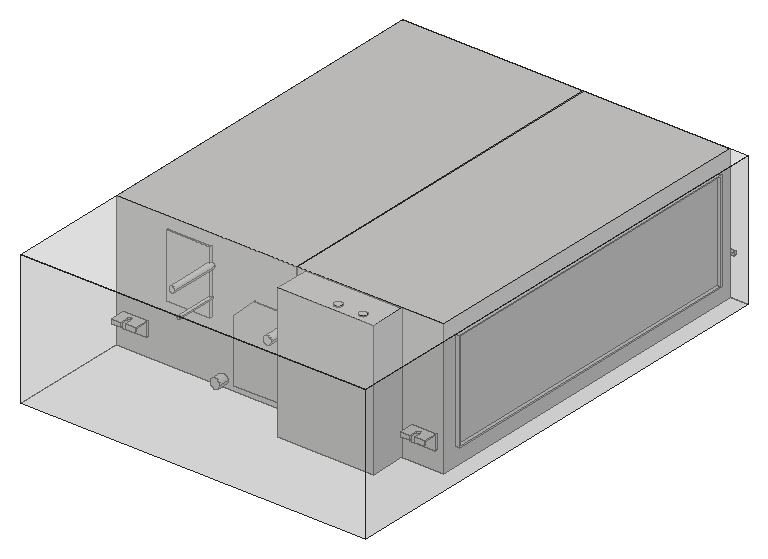
Revit family "outputfile", category 機械設備, Revit 2024
Family settings
  丸型コネクタ寸法 = 半径を使用
  パーツ タイプ = 標準
  OmniClass 番号 = 23.75.10.24.21.27.27
  OmniClass タイトル = Split System Air Conditioning Units
  作業面ベース = いいえ
  常に垂直 = はい
  ロード時にボイドで切り取り = いいえ
  注釈の向きを維持 = いいえ
  共有 = いいえ
  部屋計算ポイント = はい
Parameters (values of type "FXMQ200NVE6")
  製造元 = "Daikin"
  書き出し IFC クラス(タイプ) = "IfcUnitaryEquipmentType"
  定義済み IFC タイプ(タイプ) = "AIRCONDITIONINGUNIT"
  モデル = "FXMQ200NVE6"
  switch_frequency = yes
  lw_suctionflange = 1090 mm
  r_Liquid Pipe Size = Liquid Pipe Size / 2  # 4.75 mm
  r_Gas Pipe Size = Gas Pipe Size / 2  # 9.55 mm
  r_Drain Pipe Size = Drain Pipe Size / 2  # 15.75 mm
  lw_power = 87 mm  # constant formula
  lw_dischargeflange = 947 mm
  lh_power = 443.6 mm  # constant formula
  lh_mountinghole1 = lh_mountinghole + [h***]  # 110 mm
  lh_dischargeflange = 370 mm  # constant formula
  ld_power = 199 mm  # constant formula
  ld_dischargeflange = 30 mm  # constant formula
  connector_voltage = Voltage_50Hz  # 230 V
  connector_powerinput = if([Power Input (Cooling)] > [Power Input (Heating)], [Power Input (Cooling)], [Power Input (Heating)])  # 1.100 kW
  connector_phase = Phase_50Hz  # 1
  Voltage_comment_50Hz = "230"
  Voltage_50Hz = 230 V
  Supply Air Direction [instance] = yes
  Phase_50Hz = 1
  Minimum External Static Pressure = 100.00 Pa
  Minimum Circuit Amps_50Hz = 8.2 A
  Maximum Fuse Amps_50Hz = 15.0 A
  Maximum External Static Pressure = 200.00 Pa
  Material_Casing = DAIKIN_GalvanizedSteel_Casing_indoorunit
  ld_mountinghole = 962 mm  # constant formula
  lh_gaspipe = 96 mm  # constant formula
  lh_mountinghole = 110 mm  # constant formula
  lh_liquidpipe = 191 mm  # constant formula
  lh_drainpipe = 24 mm  # constant formula
  lh_antena = Height - lh_mountinghole + 1 mm  # 336 mm
  ld_drainpipe = 355 mm  # constant formula
  ld_liquidpipe = 317 mm  # constant formula
  ld_gaspipe = 317 mm  # constant formula
  lw_mountinghole = 1244 mm
  h*** = 0 mm  # constant formula
  lw_liquidpipe = 137 mm
  lw_gaspipe = 164 mm
  lw_drainpipe = 33 mm  # constant formula
  Width = 1311 mm
  Version = "ver.1.0"
  Unit Type = "Duct_H.S.P."
  Unit Mass Weight = 110.00 kg
  Unit Designation [instance] = ""
  Uniclass2015Version = "Products v1.30"
  Uniclass2015Title = "Variable refrigerant flow units"
  Uniclass2015Code = "Pr_70_65_03_94"
  Total Heating Capacity [instance] = 0.000 kW
  Total Cooling Capacity [instance] = 0.000 kW
  Sound Pressure Level_L speed (dBA) = 45
  Sound Pressure Level_H speed (dBA) = 47
  Series = "VRV Fan Coil Unit"
  Sensible Cooling Capacity [instance] = 0.000 kW
  SA Duct Size Width = 947 mm
  SA Duct Size Height = 370 mm
  Refrigerant Type = "R410A"
  RA Duct Size Width = 1090 mm
  RA Duct Size Height = 333 mm
  Power Input (Heating) = 1.100 kW
  Power Input (Cooling) = 1.100 kW
  Option Accessory 3 [instance] = ""
  Option Accessory 2 [instance] = ""
  Option Accessory 1 [instance] = ""
  Nominal Heating Capacity = 25.000 kW
  Nominal Cooling Capacity = 22.400 kW
  Minimum Airflow = 3480.00 m³/h
  Median Airflow = 0.00 m³/h
  Maximum Airflow = 4080.00 m³/h
  Load Classification = HVAC
  Liquid Pipe Size = 9.5 mm
  Link_Nested Family [instance] = ""
  IfcVersion = ""
  IfcExportType = "AIRCONDITIONINGUNIT"
  IfcExportAs = "IfcUnitaryEquipmentType"
  Height = 445 mm
  Heating Entering Wet Bulb Temperature [instance] = 0.00 °C
  Heating Entering Dry Bulb Temperature [instance] = 0.00 °C
  Heating Ambient Wet Bulb Temperature [instance] = 0.00 °C
  Heating Ambient Dry Bulb Temperature [instance] = 0.00 °C
  Heat Exchanger Type = "Cross Fin Coil"
  Gas Pipe Size = 19.1 mm
  Frequency_50Hz = 50 Hz
  Fan Type = "Sirocco Fan"
  Fan Drive = "Direct Drive"
  FCU Tag No. [instance] = ""
  Drain Pipe Size = 31.5 mm
  Design Supply Airflow [instance] = 0.00 m³/h
  Design Return Airflow [instance] = 0.00 m³/h
  Design External Static Pressure [instance] = 0.00 Pa
  Depth = 1090 mm
  既定の高さ = 0 mm
  Cooling Entering Wet Bulb Temperature [instance] = 0.00 °C
  Cooling Entering Dry Bulb Temperature [instance] = 0.00 °C
  Cooling Ambient Wet Bulb Temperature [instance] = 0.00 °C
  Cooling Ambient Dry Bulb Temperature [instance] = 0.00 °C
  Clearance visibility [instance] = yes
  Clearance Top = 0 mm
  Clearance Right = 60 mm
  Clearance Rear = 0 mm
  Clearance Left = 0 mm
  Clearance Front = 400 mm
  Clearance Bottom = 0 mm
Reference planes
  plane 1 "Center (Front/Back)": y = 0
  plane 2 "h": z = 0
  plane 3 "Center (Left/Right)": x = 0
  plane 4 "Back": y = 596
  plane 5: y = -596
  plane 6 "Left": x = -545
  plane 7 "Reight": x = 545
  plane 8 "Top": z = 0
  plane 9 "Bottom": z = -445
  plane 10 "ld_mountinghole1": y = 622
  plane 11: y = 596
  plane 12: y = -996
  plane 13: x = -545
  plane 14: x = 605
  plane 15: z = 0
  plane 16: z = -445
  plane 17: x = 55
  plane 18 "ld_mountinghole2": y = -622
  plane 19: x = -481
  plane 20: x = 481
  plane 21: x = -545
  plane 22: x = 545
  plane 23 "Front": y = -715
  plane 24 "lh_mountinghole": z = -335
  plane 25: x = -228
  plane 26: x = -228
  plane 27: x = -190
  plane 28 "lh_liquidpipe": z = -191
  plane 29: z = -96
  plane 30: z = -421
  plane 31: y = -733
  plane 32: y = -760
  plane 33: y = -629
  plane 34: y = -683
  plane 35: x = 346
  plane 36: y = -602
  plane 37: y = -651
  plane 38: z = -38
  plane 39: y = 516.5
  plane 40: z = -50
  plane 41: y = 541
Forms (mm)
  Extrusion 1, solid, material "DAIKIN_GalvanizedSteel_Casing_indoorunit" <- "Material_Casing"
    sketch origin (12.25, -160, 0) x (1, 0, 0) y (0, 1, 0)
      loop
        line (42.75, 756) -> (42.75, -436) -> (532.75, -436) -> (532.75, 756) -> (42.75, 756)
    from -445 to 0
  Extrusion 2, solid, material "DAIKIN_GalvanizedSteel_Casing_indoorunit" <- "Material_Casing"
    sketch origin (115, 9, 0) x (1, 0, 0) y (0, 1, 0)
      loop
        line (-660, 587) -> (-660, -605) -> (-60, -605) -> (-60, 587) -> (-660, 587)
    from -445 to 0
  Extrusion 3, solid, material "DAIKIN_GalvanizedSteel_Casing_indoorunit" <- "Material_Casing"
    sketch origin (0, -900, 0) x (1, 0, 0) y (0, 0, 1)
      loop
        line (87.5, -1.4) -> (87.5, -445) -> (405.5, -445) -> (405.5, -1.4) -> (87.5, -1.4)
    from -304 to -185
  Extrusion 4, solid, material "DAIKIN_GalvanizedSteel_Casing_indoorunit" <- "Material_Casing"
    sketch origin (-1374.64, -596, 1200) x (-1, 0, 0) y (0, 0, 1)
      loop
        circle (-1146.64, -1391) r 4.75
    from 0 to -137
  Extrusion 5, solid, material "DAIKIN_GalvanizedSteel_Casing_indoorunit" <- "Material_Casing"
    sketch origin (-1374.64, -596, 1200) x (-1, 0, 0) y (0, 0, 1)
      loop
        circle (-1146.64, -1296) r 9.55
    from 0 to -164
  Extrusion 6, solid, material "DAIKIN_GalvanizedSteel_Casing_indoorunit" <- "Material_Casing"
    sketch origin (-1374.64, -596, 1200) x (-1, 0, 0) y (0, 0, 1)
      loop
        circle (-1184.64, -1621) r 15.75
    from 0 to -33
  Extrusion 7, solid, material "DAIKIN_GalvanizedSteel_Casing_indoorunit" <- "Material_Casing"
    sketch origin (0, 0, 0) x (1, 0, 0) y (0, 0, 1)
      loop
        line (-373, -38) -> (-373, -250) -> (-228, -250) -> (-228, -38) -> (-373, -38)
    from 596 to 602
  Extrusion 8, solid, material "DAIKIN_GalvanizedSteel_Casing_indoorunit" <- "Material_Casing"
    sketch origin (0, 0, 0) x (1, 0, 0) y (0, 0, 1)
      loop
        line (-84, -152.5) -> (-149, -217.5) -> (-149, -424.5) -> (42.6, -424.5) -> (42.6, -152.5) -> (-84, -152.5)
    from 596 to 602
  Extrusion 9, solid, material "DAIKIN_GalvanizedSteel_Casing_indoorunit" <- "Material_Casing"
    sketch origin (0, 0, 0) x (1, 0, 0) y (0, 0, 1)
      loop
        circle (2, -215) r 13.75
    from 596 to 651
  Extrusion 10, solid, material "DAIKIN_GalvanizedSteel_Casing_indoorunit" <- "Material_Casing"
    sketch origin (0, 0, 0) x (1, 0, 0) y (0, 1, 0)
      loop
        circle (346, -683) r 12.4
      loop
        circle (263, -683) r 12.4
    from -1.4 to -152.5
Cuts and joins
  joined: Extrusion 8, Extrusion 9
  joined: Extrusion 4, Extrusion 5, Extrusion 7
Dimensions and locks
  "Height": plane 8 "Top" to plane 9 "Bottom"
  equal spacing: plane 6 "Left", plane 3 "Center (Left/Right)", plane 7 "Reight"
  "Clearance Left": plane 13 to plane 6 "Left"
  "Clearance Right": plane 7 "Reight" to plane 14
  "Clearance Rear": plane 11 to plane 4 "Back"
  "Clearance Front": plane 5 to plane 12
  "Clearance Top": plane 15 to plane 8 "Top"
  "Clearance Bottom": plane 9 "Bottom" to plane 16
  equal spacing: plane 18 "ld_mountinghole2", plane 1 "Center (Front/Back)", plane 10 "ld_mountinghole1"
  "lw_mountinghole": plane 18 "ld_mountinghole2" to plane 10 "ld_mountinghole1"
  equal spacing: plane 19, plane 3 "Center (Left/Right)", plane 20
  "ld_mountinghole": plane 19 to plane 20
  "Depth": plane 6 "Left" to plane 7 "Reight"
  plane 21 to plane 22 = 1090 mm
  equal spacing: plane 21, plane 3 "Center (Left/Right)", plane 22
  plane 4 "Back" to plane 5 = 1192 mm
  equal spacing: plane 4 "Back", plane 1 "Center (Front/Back)", plane 5
  "lh_mountinghole": plane 24 "lh_mountinghole" to plane 9 "Bottom"
  locked: plane 5 to plane 23 "Front" at 119
  locked: plane 21 to plane 17 at 600
  "ld_liquidpipe": plane 21 to plane 25
  "ld_gaspipe": plane 21 to plane 26
  "ld_drainpipe": plane 21 to plane 27
  "lh_liquidpipe": plane 8 "Top" to plane 28 "lh_liquidpipe"
  "lh_gaspipe": plane 8 "Top" to plane 29
  "lh_drainpipe": plane 30 to plane 9 "Bottom"
  "lw_liquidpipe": plane 5 to plane 31
  "lw_gaspipe": plane 5 to plane 32
  "lw_drainpipe": plane 5 to plane 33
  "lw_power": plane 5 to plane 34
  "ld_power": plane 35 to plane 22
  "Width": plane 4 "Back" to plane 23 "Front"
  locked: plane 8 "Top" to Extrusion 7 sketch curve at 38
  locked: Extrusion 7 sketch curve to Extrusion 7 sketch curve at 212
  locked: plane 26 to Extrusion 7 sketch curve at 145
  locked: plane 5 to plane 36 at 6
  locked: Extrusion 8 sketch curve to plane 9 "Bottom" at 20.5
  locked: Extrusion 8 sketch curve to Extrusion 8 sketch curve at 272
  locked: Extrusion 8 sketch curve to plane 21 at 396
  locked: Extrusion 8 sketch curve to Extrusion 8 sketch curve at 191.6
  locked: plane 8 "Top" to Extrusion 8 sketch curve at 217.5
  locked: Extrusion 8 sketch curve to plane 21 at 461
  locked: Extrusion 3 sketch curve to plane 9 "Bottom" at 443.6
  locked: plane 22 to Extrusion 3 sketch curve at 139.5
  locked: Extrusion 3 sketch curve to Extrusion 3 sketch curve at 318
  locked: plane 5 to plane 37 at 55
  Extrusion 10 sketch curve to Extrusion 10 sketch curve to plane 22 = 83 mm locked, 199 mm locked
  locked: plane 8 "Top" to plane 38 at 38
  locked: plane 4 "Back" to plane 39 at 79.5
  plane 8 "Top" to plane 40 = 50 mm
  locked: plane 4 "Back" to plane 41 at 55
  locked: level to plane 40 at 50
  "r_Liquid Pipe Size": radius of Extrusion 4 sketch curve
  "r_Gas Pipe Size": radius of Extrusion 5 sketch curve
  "r_Drain Pipe Size": radius of Extrusion 6 sketch curve
  aligned and locked: level to plane 2 "h"
  aligned and locked: plane 8 "Top" to Extrusion 1
  aligned and locked: Extrusion 1 to plane 9 "Bottom"
  aligned and locked: nested 2 to plane 12
  aligned and locked: plane 13 to nested 2
  aligned and locked: plane 14 to nested 2
  aligned and locked: nested 2 to plane 13
  aligned and locked: plane 11 to nested 2
  aligned and locked: plane 15 to nested 2
  aligned and locked: plane 16 to nested 2
  aligned and locked: Extrusion 1 to plane 17
  aligned and locked: Extrusion 2 sketch curve to plane 4 "Back"
  aligned and locked: Extrusion 2 sketch curve to plane 17
  aligned and locked: plane 5 to Extrusion 2 sketch curve
  aligned and locked: plane 10 "ld_mountinghole1" to nested 5
  aligned and locked: plane 19 to nested 5
  aligned and locked: nested 4 to plane 18 "ld_mountinghole2"
  aligned and locked: plane 19 to nested 4
  aligned and locked: nested 3 to plane 20
  aligned and locked: nested 3 to plane 18 "ld_mountinghole2"
  aligned and locked: plane 10 "ld_mountinghole1" to nested 6
  aligned and locked: nested 6 to plane 20
  aligned and locked: nested 1 to plane 3 "Center (Left/Right)"
  aligned and locked: plane 1 "Center (Front/Back)" to nested 1
  aligned and locked: level to plane 8 "Top"
  aligned and locked: Extrusion 2 to plane 21
  aligned and locked: plane 22 to Extrusion 1
  aligned and locked: plane 4 "Back" to Extrusion 1
  aligned and locked: Extrusion 1 to plane 5
  aligned and locked: plane 8 "Top" to Extrusion 2
  aligned and locked: plane 5 to Extrusion 3
  aligned and locked: Extrusion 3 to plane 23 "Front"
  aligned and locked: plane 28 "lh_liquidpipe" to Extrusion 4 sketch curve
  aligned and locked: plane 25 to Extrusion 4 sketch curve
  aligned and locked: plane 5 to Extrusion 4
  aligned and locked: Extrusion 4 to plane 31
  aligned and locked: plane 29 to Extrusion 5 sketch curve
  aligned and locked: plane 26 to Extrusion 5 sketch curve
  aligned and locked: Extrusion 5 to plane 32
  aligned and locked: plane 30 to Extrusion 6 sketch curve
  aligned and locked: plane 27 to Extrusion 6 sketch curve
  aligned and locked: plane 5 to Extrusion 5
  aligned and locked: plane 5 to Extrusion 6
  aligned and locked: Extrusion 6 to plane 33
  aligned and locked: plane 25 to nested 7
  aligned and locked: nested 7 to plane 31
  aligned and locked: nested 7 to plane 28 "lh_liquidpipe"
  aligned and locked: plane 26 to nested 8
  aligned and locked: nested 8 to plane 32
  aligned and locked: nested 8 to plane 29
  aligned and locked: plane 27 to nested 9
  aligned and locked: nested 9 to plane 33
  aligned and locked: nested 9 to plane 30
  aligned and locked: plane 35 to nested 10
  aligned and locked: nested 10 to plane 34
  aligned and locked: plane 4 "Back" to nested 11
  aligned and locked: plane 19 to nested 11
  aligned and locked: nested 12 to plane 5
  aligned and locked: plane 20 to nested 12
  aligned and locked: plane 4 "Back" to nested 13
  aligned and locked: nested 13 to plane 20
  aligned and locked: nested 14 to plane 5
  aligned and locked: nested 14 to plane 19
  aligned and locked: Extrusion 2 to Extrusion 1
  aligned and locked: plane 24 "lh_mountinghole" to nested 11
  aligned and locked: plane 24 "lh_mountinghole" to nested 14
  aligned and locked: plane 24 "lh_mountinghole" to nested 12
  aligned and locked: plane 24 "lh_mountinghole" to nested 13
  aligned and locked: Extrusion 7 sketch curve to plane 25
  aligned and locked: plane 5 to Extrusion 7
  aligned and locked: Extrusion 7 to plane 36
  aligned and locked: plane 5 to Extrusion 8
  aligned and locked: Extrusion 8 to plane 36
  aligned and locked: plane 9 "Bottom" to Extrusion 3 sketch curve
  aligned and locked: plane 5 to Extrusion 9
  aligned and locked: Extrusion 9 to plane 37
  aligned and locked: plane 34 to Extrusion 10 sketch curve  (x2)
  aligned and locked: Extrusion 3 to Extrusion 10
  aligned and locked: cut or joined group of Extrusion 8, Extrusion 9 to Extrusion 10
  aligned and locked: nested 10 to plane 9 "Bottom"
  aligned and locked: plane 38 to nested 15
  aligned and locked: nested 15 to plane 39
  aligned and locked: plane 41 to nested 16
  aligned and locked: plane 40 to nested 16
  aligned and locked: nested 15 to plane 21
  aligned and locked: plane 22 to nested 16
Automatic sketch dimensions
  Extrusion 1 sketch curve to plane 5 = 0 mm
  Extrusion 1 sketch curve to plane 17 = 0 mm
  Extrusion 1 sketch curve to plane 7 "Reight" = 0 mm
  Extrusion 1 sketch curve to plane 4 "Back" = 0 mm
  Extrusion 2 sketch curve to plane 6 "Left" = 0 mm
  plane 3 "Center (Left/Right)" to Extrusion 9 sketch curve = 2 mm
  Extrusion 9 sketch curve to plane 28 "lh_liquidpipe" = 24 mm
  radius of Extrusion 10 sketch curve = 12.4 mm  (x2)
  radius of Extrusion 9 sketch curve = 13.75 mm
Nested families
  nested 1: "daikin_△_symbolicline" at (0, 0, 445) x (0, -1, 0) z (0, 0, 1), built-in parameter 1001364 <- "Height", visible <- "Supply Air Direction", type "daikin_△_symbolicline"
    with length 300 mm
  nested 2: "daikin_clearancespace" at (30, -200, -222.381), visible <- "Clearance visibility", show <- "Clearance visibility", Link_Nested Family <- "Link_Nested Family", type "daikin_clearancespace"
    with width 1150 mm, show yes, height 445 mm, depth 1592 mm, Link_Nested Family ""
  nested 3: "daikin_mountinghole" at (481, -622, -445), l_antenna <- "lh_antena", Link_Nested Family <- "Link_Nested Family", h_mountinghole <- "lh_mountinghole1", type "daikin_mountinghole"
    with show yes, l_antenna 336 mm, h_mountinghole 110 mm, Link_Nested Family ""
  nested 4: "daikin_mountinghole" at (-481, -622, -445), l_antenna <- "lh_antena", Link_Nested Family <- "Link_Nested Family", h_mountinghole <- "lh_mountinghole1", type "daikin_mountinghole"
    with show yes, l_antenna 336 mm, h_mountinghole 110 mm, Link_Nested Family ""
  nested 5: "daikin_mountinghole" at (-481, 622, -445), h_mountinghole <- "lh_mountinghole1", l_antenna <- "lh_antena", Link_Nested Family <- "Link_Nested Family", type "daikin_mountinghole"
    with show yes, l_antenna 336 mm, h_mountinghole 110 mm, Link_Nested Family ""
  nested 6: "daikin_mountinghole" at (481, 622, -445), l_antenna <- "lh_antena", Link_Nested Family <- "Link_Nested Family", h_mountinghole <- "lh_mountinghole1", type "daikin_mountinghole"
    with show yes, l_antenna 336 mm, h_mountinghole 110 mm, Link_Nested Family ""
  nested 7: "daikin_connector_rotate2" at (-228, -596, -191), length <- "lw_liquidpipe", radius <- "r_Liquid Pipe Size", type "daikin_connector_rotate2"
    with radius 4.75 mm, length 137 mm, angle_vertical 90.00°, show_face no
  nested 8: "daikin_connector_rotate2" at (-228, -596, -96), length <- "lw_gaspipe", radius <- "r_Gas Pipe Size", type "daikin_connector_rotate2"
    with radius 9.55 mm, length 164 mm, angle_vertical 90.00°, show_face no
  nested 9: "daikin_connector_rotate2" at (-190, -596, -421), length <- "lw_drainpipe", radius <- "r_Drain Pipe Size", type "daikin_connector_rotate2"
    with radius 15.75 mm, length 33 mm, angle_vertical 90.00°, show_face no
  nested 10: "daikin_connector_rotate2" at (346, -683, -445) x (1, 0, 0) z (0, -1, 0), length <- "lh_power", type "daikin_connector_rotate2"
    with radius 10 mm, length 443.6 mm, angle_vertical 270.00°, show_face no
  nested 11: "daikin_hangerfixture_FXMQ-NVE6" at (-481, 596, -335) x (0, 1, 0) z (0, 0, 1), type "daikin_hangerfixture_FXMQ-NVE6"
  nested 12: "daikin_hangerfixture_FXMQ-NVE6" at (481, -596, -335) x (0, -1, 0) z (0, 0, 1), type "daikin_hangerfixture_FXMQ-NVE6"
  nested 13: "daikin_hangerfixture_FXMQ-NVE6" at (481, 596, -335) x (0, 1, 0) z (0, 0, 1), type "daikin_hangerfixture_FXMQ-NVE6"
  nested 14: "daikin_hangerfixture_FXMQ-NVE6" at (-481, -596, -335) x (0, -1, 0) z (0, 0, 1), type "daikin_hangerfixture_FXMQ-NVE6"
  nested 15: "daikin_ductflange_FXMQ-NVE6" at (-545, 43, -408) x (0, -1, 0) z (0, 0, 1), width <- "lw_dischargeflange", depth <- "ld_dischargeflange", height <- "lh_dischargeflange", type "daikin_ductflange_FXMQ-NVE6"
    with width 947 mm, material DAIKIN_GalvanizedSteel_Casing_indoorunit, height 370 mm, depth 30 mm
  nested 16: "daikin_ductflange_FXMQ-NVE6" at (545, -4, -383) x (0, 1, 0) z (0, 0, 1), width <- "lw_suctionflange", type "daikin_ductflange_FXMQ-NVE6"
    with width 1090 mm, material DAIKIN_GalvanizedSteel_Casing_indoorunit, height 333 mm, depth 15 mm
Connectors
  piping at (-228, -733, -191), diameter 9.5, driven by "r_Liquid Pipe Size"
    settings: on nested 7, index 3, connector inside diameter 609.6 mm, connector length 0 mm, flow factor 0, pipe flow 0.00 m³/h, pressure drop 0.0 Pa, fitting loss kfactor 0, connector angle 0.00°, fixture units 0, engagement length 0 mm, angle of deflection 0.00°, flow configuration 1, flow direction 1, fitting loss method 0, system type 29, joint type 0, gender type 0, connector reference index -1, connector utility 0, adjustable connector no, is connector primary yes, connector description "Refrigerant Liquid Piping"
  piping at (-228, -760, -96), diameter 19.1, driven by "r_Gas Pipe Size"
    settings: on nested 8, index 4, connector inside diameter 609.6 mm, connector length 0 mm, flow factor 0, pipe flow 0.00 m³/h, pressure drop 0.0 Pa, fitting loss kfactor 0, connector angle 0.00°, fixture units 0, engagement length 0 mm, angle of deflection 0.00°, flow configuration 1, flow direction 2, fitting loss method 0, system type 29, joint type 0, gender type 0, connector reference index -1, connector utility 0, adjustable connector no, is connector primary no, connector description "Refrigerant Gas Piping"
  piping at (-190, -629, -421), diameter 31.5, driven by "r_Drain Pipe Size"
    settings: on nested 9, index 5, connector inside diameter 609.6 mm, connector length 0 mm, flow factor 0, pipe flow 0.00 m³/h, pressure drop 0.0 Pa, fitting loss kfactor 0, connector angle 0.00°, fixture units 0, engagement length 0 mm, angle of deflection 0.00°, flow configuration 1, flow direction 2, fitting loss method 4, system type 16, joint type 0, gender type 0, connector reference index -1, connector utility 0, adjustable connector no, is connector primary no, connector description "Condensate Drain Piping"
  electrical at (346, -683, -1.4), driven by "Load Classification", driven by "connector_voltage", driven by "connector_phase", driven by "connector_powerinput"
    settings: on nested 10, index 6, voltage 230 V, apparent load 1100 VA, apparent load phase1 0 VA, apparent load phase2 0 VA, apparent load phase3 0 VA, power factor 1, load classification "HVAC", number of poles 1, system type 30, power factor state 1, is connector primary yes, connector utility no, sub classification motor no, connector description "Power Supply"
  hvac at (560, -4, -216.5), driven by "RA Duct Size Height", driven by "RA Duct Size Width"
    settings: on nested 16, index 7, duct flow 0.00 m³/h, flow factor 0, pres drop 0.00 Pa, loss coef 0, conn angle 0.00°, conn width 1090.0 mm, conn height 333.0 mm, conn diameter 609.6 mm, duct sys type 2, conn prof type 1, flow config 0, flow direction 1, loss method 4, conn ref index -1, conn util no, is conn primary yes, conn desc "RA Duct"
  hvac at (-575, 43, -223), driven by "SA Duct Size Height", driven by "SA Duct Size Width"
    settings: on nested 15, index 8, duct flow 0.00 m³/h, flow factor 0, pres drop 0.00 Pa, loss coef 0, conn angle 0.00°, conn width 947.0 mm, conn height 370.0 mm, conn diameter 609.6 mm, duct sys type 1, conn prof type 1, flow config 0, flow direction 2, loss method 4, conn ref index -1, conn util no, is conn primary no, conn desc "SA Duct"
Definition of nested family "daikin_clearancespace"
  Parameters (values of type "daikin_clearancespace")
    Description = "daikin_clearancespace"
    width [instance] = 1823.963 mm
    show [instance] = yes
    material = none
    height [instance] = 1359.762 mm
    depth [instance] = 880 mm
    Default Elevation = 0 mm
    Link_Nested Family [instance] = ""
  Reference planes
    plane 1 "Center (Front/Back)": y = 0
    plane 2 "Center (Elevation)": z = -0.119
    plane 3 "Center (Left/Right)": x = 0
    plane 4: y = 440
    plane 5: y = -440
    plane 6 "Right": x = 911.982
    plane 7 "Left": x = -911.982
    plane 8 "Top": z = 679.762
    plane 9 "Bottom": z = -680
  Forms (mm)
    Extrusion 1, solid, material <- "material", visible <- "show"
      sketch origin (0, 0, 0) x (1, 0, 0) y (0, 1, 0)
        loop
          line (-911.982, 440) -> (-911.982, -440) -> (911.982, -440) -> (911.982, 440) -> (-911.982, 440)
      from -680 to 679.762
  Lines and regions (mm)
    symbolic lines, visible <- "show"
      curve 1: line (911.982, 440, 0) -> (-911.982, 440, 0)
      curve 2: line (-911.982, 440, 0) -> (-911.982, -440, 0)
      curve 3: line (-911.982, -440, 0) -> (911.982, -440, 0)
      curve 4: line (911.982, -440, 0) -> (911.982, 440, 0)
      curve 5: line (911.982, 0, 679.762) -> (-911.982, 0, 679.762)
      curve 6: line (911.982, 0, -680) -> (911.982, 0, 679.762)
      curve 7: line (-911.982, 0, -680) -> (911.982, 0, -680)
      curve 8: line (-911.982, 0, 679.762) -> (-911.982, 0, -680)
      curve 9: line (0, 440, 679.762) -> (0, -440, 679.762)
      curve 10: line (0, -440, 679.762) -> (0, -440, -680)
      curve 11: line (0, 440, -680) -> (0, 440, 679.762)
      curve 12: line (0, -440, -680) -> (0, 440, -680)
  Dimensions and locks
    "width": plane 7 "Left" to plane 6 "Right"
    "depth": plane 4 to plane 5
    "height": plane 8 "Top" to plane 9 "Bottom"
    equal spacing: plane 7 "Left", plane 3 "Center (Left/Right)", plane 6 "Right"
    equal spacing: plane 4, plane 1 "Center (Front/Back)", plane 5
    equal spacing: plane 8 "Top", plane 2 "Center (Elevation)", plane 9 "Bottom"
    aligned and locked: level to plane 2 "Center (Elevation)"
    aligned and locked: Extrusion 1 sketch curve to plane 4
    aligned and locked: plane 7 "Left" to Extrusion 1 sketch curve
    aligned and locked: Extrusion 1 sketch curve to plane 5
    aligned and locked: Extrusion 1 sketch curve to plane 6 "Right"
    aligned and locked: plane 8 "Top" to Extrusion 1
    aligned and locked: curve 1 to Extrusion 1
    aligned and locked: curve 2 to Extrusion 1
    aligned and locked: curve 3 to Extrusion 1
    aligned and locked: curve 4 to Extrusion 1
    aligned and locked: curve 5 to Extrusion 1
    aligned and locked: curve 6 to Extrusion 1
    aligned and locked: curve 7 to Extrusion 1
    aligned and locked: curve 8 to Extrusion 1
    aligned and locked: curve 9 to Extrusion 1
    aligned and locked: curve 10 to Extrusion 1
    aligned and locked: curve 11 to Extrusion 1
    aligned and locked: curve 12 to Extrusion 1
    aligned and locked: Extrusion 1 to plane 9 "Bottom"
Definition of nested family "daikin_hangerfixture_FXMQ-NVE6"
  Parameters (values of type "daikin_hangerfixture_FXMQ-NVE6_2")
    width = 51 mm
    material = none
    height = 50 mm
    depth = 80 mm
    Default Elevation = 0 mm
  Reference planes
    plane 1 "Center (Front/Back)": y = 0
    plane 2: z = 0
    plane 3 "Center (Left/Right)": x = 0
    plane 4: z = -3.2
    plane 5: z = -15
    plane 6: x = 51
    plane 7: y = 40
    plane 8: y = -40
    plane 9: y = -43.5
    plane 10: y = 43.5
    plane 11: z = -50
    plane 12: x = 3.2
    plane 13: x = 14
    plane 14: x = 26
    plane 15: x = 47.8
  Forms (mm)
    Extrusion 1, solid, material <- "material"
      sketch origin (0, 0, 0) x (1, 0, 0) y (0, 1, 0)
        loop
          line (0, 40) -> (0, -40) -> (51, -40) -> (51, -7) -> (26, -7)
          arc (26, -7) -> (19, 0) -> (26, 7) r 7
          line (26, 7) -> (51, 7) -> (51, 40) -> (0, 40)
      from -3.2 to 0
    Extrusion 2, solid, material <- "material"
      sketch origin (0, 0, 0) x (0, 1, 0) y (0, 0, 1)
        loop
          line (40, -47) -> (40, 0) -> (-40, 0) -> (-40, -47)
          arc (-40, -47) -> (-39.121, -49.121) -> (-37, -50) r 3
          line (-37, -50) -> (37, -50)
          arc (37, -50) -> (39.121, -49.121) -> (40, -47) r 3
      from 0 to 3.2
    Extrusion 3, solid, material <- "material"
      sketch origin (0, 0, 0) x (0, 1, 0) y (0, 0, 1)
        loop
          line (-7, -12.007) -> (-7, 0) -> (-40, 0) -> (-40, -12.007)
          arc (-40, -12.007) -> (-39.123, -14.123) -> (-37.007, -15) r 2.993
          line (-37.007, -15) -> (-9.993, -15)
          arc (-9.993, -15) -> (-7.877, -14.123) -> (-7, -12.007) r 2.993
        loop
          arc (7, -12.007) -> (7.877, -14.123) -> (9.993, -15) r 2.993
          line (9.993, -15) -> (37.007, -15)
          arc (37.007, -15) -> (39.123, -14.123) -> (40, -12.007) r 2.993
          line (40, -12.007) -> (40, 0) -> (7, 0) -> (7, -12.007)
      from 51 to 47.8
  Cuts and joins
    joined: Extrusion 1, Extrusion 2, Extrusion 3
  Dimensions and locks
    "width": plane 3 "Center (Left/Right)" to plane 6
    "depth": plane 8 to plane 7
    equal spacing: plane 8, plane 1 "Center (Front/Back)", plane 7
    locked: plane 9 to plane 8 at 3.5
    locked: plane 7 to plane 10 at 3.5
    "height": level to plane 11
    locked: plane 12 to plane 3 "Center (Left/Right)" at 3.2
    plane 3 "Center (Left/Right)" to plane 13 = 14 mm
    locked: plane 13 to plane 14 at 12
    locked: plane 2 to plane 4 at 3.2
    locked: plane 6 to plane 15 at 3.2
    locked: plane 2 to plane 5 at 15
    locked: Extrusion 1 sketch curve to plane 1 "Center (Front/Back)" at 7
    locked: plane 1 "Center (Front/Back)" to Extrusion 1 sketch curve at 7
    locked: Extrusion 1 sketch curve to plane 6 at 25
    aligned and locked: level to plane 2
    aligned and locked: level to Extrusion 1
    aligned and locked: Extrusion 1 to plane 4
    aligned and locked: Extrusion 1 sketch curve to plane 3 "Center (Left/Right)"
    aligned and locked: Extrusion 1 sketch curve to plane 6  (x2)
    aligned and locked: level to Extrusion 2 sketch curve
    aligned and locked: plane 12 to Extrusion 2
    aligned and locked: Extrusion 3 sketch curve to level
    aligned and locked: level to Extrusion 3 sketch curve
    aligned and locked: plane 7 to Extrusion 1 sketch curve
    aligned and locked: Extrusion 1 sketch curve to plane 8
    aligned and locked: plane 11 to Extrusion 2 sketch curve
    aligned and locked: plane 6 to cut or joined group of Extrusion 1, Extrusion 2, Extrusion 3
    aligned and locked: cut or joined group of Extrusion 1, Extrusion 2, Extrusion 3 to plane 15
    aligned and locked: Extrusion 3 to plane 5  (x2)
    aligned and locked: Extrusion 3 to Extrusion 1  (x4)
  Automatic sketch dimensions
    plane 7 to Extrusion 2 sketch curve = 3 mm
    Extrusion 2 sketch curve to plane 8 = 3 mm
    Extrusion 2 sketch curve to Extrusion 2 sketch curve = 3 mm
    Extrusion 2 sketch curve to plane 7 = 0 mm
    plane 8 to Extrusion 3 sketch curve = 0 mm
    Extrusion 3 sketch curve to plane 5 = 0 mm  (x2)
    Extrusion 3 sketch curve to plane 8 = 2.993 mm
    plane 5 to Extrusion 3 sketch curve = 2.993 mm  (x2)
    plane 1 "Center (Front/Back)" to Extrusion 3 sketch curve = 9.993 mm
    Extrusion 3 sketch curve to plane 1 "Center (Front/Back)" = 7 mm
    plane 7 to Extrusion 3 sketch curve = 2.993 mm
    plane 7 to Extrusion 3 sketch curve = 0 mm
Definition of nested family "daikin_ductflange_FXMQ-NVE6"
  Parameters (values of type "daikin_ductflange_FDYQN-LCV1")
    width [instance] = 918 mm
    material [instance] = none
    height [instance] = 350 mm
    depth [instance] = 39.25 mm
    Default Elevation = 0 mm
  Reference planes
    plane 1 "Center (Front/Back)": y = 0
    plane 2: z = 0
    plane 3 "Center (Left/Right)": x = 0
    plane 4: y = -39.25
    plane 5: x = -459
    plane 6: x = 459
    plane 7 "Top": z = 350
    plane 8 "Center (Elevation)": z = 175
  Forms (mm)
    Extrusion 1, solid, material <- "material"
      sketch origin (0, 0, 0) x (1, 0, 0) y (0, 0, 1)
        loop
          line (-459, 350) -> (-459, 0) -> (459, 0) -> (459, 350) -> (-459, 350)
        loop
          line (-457, 348) -> (-457, 2) -> (457, 2) -> (457, 348) -> (-457, 348)
      from 0 to 39.25
  Dimensions and locks
    "height": plane 7 "Top" to plane 2
    "width": plane 5 to plane 6
    equal spacing: plane 5, plane 3 "Center (Left/Right)", plane 6
    "depth": plane 1 "Center (Front/Back)" to plane 4
    equal spacing: plane 7 "Top", plane 8 "Center (Elevation)", plane 2
    locked: plane 7 "Top" to Extrusion 1 sketch curve at 2
    locked: Extrusion 1 sketch curve to level at 2
    locked: Extrusion 1 sketch curve to plane 5 at 2
    locked: plane 6 to Extrusion 1 sketch curve at 2
    aligned and locked: level to plane 2
    aligned and locked: Extrusion 1 sketch curve to plane 7 "Top"
    aligned and locked: plane 5 to Extrusion 1 sketch curve
    aligned and locked: Extrusion 1 sketch curve to plane 6
    aligned and locked: plane 2 to Extrusion 1 sketch curve
    aligned and locked: Extrusion 1 to plane 4
Definition of nested family "daikin_△_symbolicline"
  Parameters (values of type "daikin_△_symbolicline")
    length [instance] = 200 mm
    Default Elevation = 0 mm
  Reference planes
    plane 1 "Center (Front/Back)": y = 0
    plane 2: z = 0
    plane 3 "Center (Left/Right)": x = 0
  Lines and regions (mm)
    symbolic lines
      curve 1: line (0, -173.205, 0) -> (100, 0, 0)
      curve 2: line (100, 0, 0) -> (-100, 0, 0)
      curve 3: line (-100, 0, 0) -> (0, -173.205, 0)
  Dimensions and locks
    equal spacing: curve 3, plane 3 "Center (Left/Right)", curve 2
    "length": curve 3 to curve 2
    "length": curve 3 to curve 3
    "length": curve 1 to curve 1
    aligned and locked: level to plane 2
    aligned and locked: curve 2 to plane 1 "Center (Front/Back)"
    aligned and locked: plane 3 "Center (Left/Right)" to curve 3
Definition of nested family "daikin_mountinghole"
  Parameters (values of type "daikin_mountinghole")
    Default Elevation = 1219.2 mm
    Type Comments = "mountinghole"
    show [instance] = yes
    material = none
    l_centerline = 100 mm
    l_antenna [instance] = 100 mm
    h_mountinghole [instance] = 0 mm
    d_circle = 30 mm
    Link_Nested Family [instance] = ""
  Reference planes
    plane 1 "Center (Front/Back)": y = 0
    plane 2: z = 0
    plane 3 "Center (Left/Right)": x = 0
    plane 4: y = 50
    plane 5: x = -50
    plane 6: x = 50
    plane 7: y = -50
    plane 8 "h_mountinghole": z = 0
    plane 9: z = 100
  Lines and regions (mm)
    model lines, detail levels fine
      curve 1: circle (0, 0, 0) r 15 normal (0, 0, 1)
      curve 2: line (-50, 0, 0) -> (50, 0, 0)
      curve 3: line (0, 50, 0) -> (0, -50, 0)
    symbolic lines, detail levels fine
      curve 4: circle (0, 0, 0) r 15 normal (0, 0, 1)
      curve 5: line (-50, 0, 0) -> (50, 0, 0)
      curve 6: line (0, 50, 0) -> (0, -50, 0)
    model lines
      curve 7: line (0, 0, 100) -> (0, 0, 0)
  Dimensions and locks
    equal spacing: plane 4, plane 1 "Center (Front/Back)", plane 7
    "l_centerline": plane 4 to plane 7
    equal spacing: plane 5, plane 3 "Center (Left/Right)", plane 6
    "l_centerline": plane 5 to plane 6
    "l_antenna": plane 9 to plane 8 "h_mountinghole"
    "h_mountinghole": plane 8 "h_mountinghole" to plane 2
    "d_circle": diameter of curve 1
    "d_circle": diameter of curve 4
    aligned and locked: level to plane 2
    aligned and locked: plane 1 "Center (Front/Back)" to curve 1
    aligned and locked: plane 3 "Center (Left/Right)" to curve 1
    aligned and locked: plane 1 "Center (Front/Back)" to curve 2
    aligned and locked: curve 3 to plane 3 "Center (Left/Right)"
    aligned and locked: plane 6 to curve 2
    aligned and locked: plane 5 to curve 2
    aligned and locked: plane 4 to curve 3
    aligned and locked: plane 7 to curve 3
    aligned and locked: plane 1 "Center (Front/Back)" to curve 4
    aligned and locked: plane 3 "Center (Left/Right)" to curve 4
    aligned and locked: plane 6 to curve 5
    aligned and locked: plane 5 to curve 5
    aligned and locked: plane 1 "Center (Front/Back)" to curve 5
    aligned and locked: plane 4 to curve 6
    aligned and locked: plane 7 to curve 6
    aligned and locked: curve 6 to plane 3 "Center (Left/Right)"
    aligned and locked: curve 7 to plane 3 "Center (Left/Right)"
    aligned and locked: plane 9 to curve 7
    aligned and locked: plane 8 "h_mountinghole" to curve 7
Definition of nested family "daikin_connector_rotate2"
  Parameters (values of type "daikin_connector_rotate2")
    show_face = yes
    radius [instance] = 10 mm
    length [instance] = 600 mm
    d_surface = 10 mm
    angle_vertical [instance] = 90.00°
    Default Elevation = 0 mm
  Reference planes
    plane 1 "Center (Front/Back)": y = 0
    plane 2: z = 0
    plane 3 "Center (Left/Right)": x = 0
  Forms (mm)
    Extrusion 1, solid, visible <- "show_face"
      sketch origin (0, -600, 0) x (1, 0, 0) y (0, 0, 1)
        loop
          circle (0, 0) r 10
      from 0 to -10
  Lines and regions (mm)
    reference lines
      curve 1: line (0, 0, 0) -> (0, -600, 0)
    symbolic lines
      curve 2: circle (0, 0, 0) r 5 normal (0, 0, 1)
    model lines, visible <- "show_face"
      curve 3: line (0, 0, 0) -> (0, -600, 0)
  Dimensions and locks
    "length": curve 1 to curve 1
    "length": curve 3 to curve 3
    "d_surface": Extrusion 1 to Extrusion 1
    "radius": radius of Extrusion 1 sketch curve
    "angle_vertical": angle curve 1 to plane 1 "Center (Front/Back)"
    "angle_vertical": angle curve 3 to plane 1 "Center (Front/Back)"
    aligned and locked: level to plane 2
    aligned and locked: plane 1 "Center (Front/Back)" to curve 1
    aligned and locked: plane 2 to curve 1
    aligned and locked: plane 1 "Center (Front/Back)" to curve 2
    aligned and locked: plane 3 "Center (Left/Right)" to curve 2
    aligned and locked: plane 1 "Center (Front/Back)" to curve 3
    aligned and locked: plane 2 to curve 3
    aligned and locked: Extrusion 1 to Extrusion 1
  Automatic sketch dimensions
    Extrusion 1 sketch curve to level = 0 mm
    Extrusion 1 sketch curve to plane 3 "Center (Left/Right)" = 0 mm
    radius of curve 2 = 5 mm
